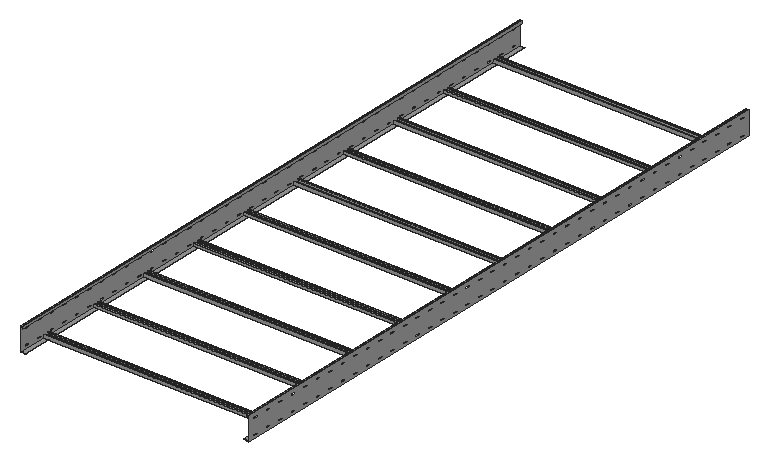
Revit family "Kabelleiter SCLS 11100 3 FTSO", category Generic Models, Revit 2017
Family settings
  Can host rebar = No
  Round Connector Dimension = Use Diameter
  Part Type = Normal
  Work Plane-Based = No
  Always vertical = Yes
  Cut with Voids When Loaded = No
  Shared = No
  Room Calculation Point = No
Parameters (values of type "SLCS 11100 3FTSO")
  Width = 1099.986 mm
  URL = "http://www.obo-bettermann.com"
  Material = Hot dip galvanised
  Manufacturer Art.No. = "7186416"
  Manufacturer = "OBO BETTERMANN"
  Length = 3000 mm
  GTIN = "4012196696970"
  Cut's number 3 = 40
  Cut's number 2 = 10
  Cut's number = 2
  Article Type = "SLCS 11100 3FTSO"
Reference planes
  plane 1 "Center (Front/Back)": y = 0
  plane 2: z = 0
  plane 3 "Center (Left/Right)": x = 0
  plane 4: x = 800
  plane 5: x = 800
  plane 6: y = 3000
  plane 7: y = 150
  plane 8: z = 17
  plane 9: y = 135
  plane 10: y = 165
  plane 11: y = 450
  plane 12: z = 17
  plane 13: y = 435
  plane 14: y = 465
  plane 15: y = 750
  plane 16: z = 17
  plane 17: y = 735
  plane 18: y = 765
  plane 19: y = 1050
  plane 20: z = 17
  plane 21: y = 1035
  plane 22: y = 1065
  plane 23: y = 1350
  plane 24: z = 17
  plane 25: y = 1335
  plane 26: y = 1365
  plane 27: y = 1650
  plane 28: z = 17
  plane 29: y = 1635
  plane 30: y = 1665
  plane 31: y = 1950
  plane 32: z = 17
  plane 33: y = 1935
  plane 34: y = 1965
  plane 35: y = 2250
  plane 36: z = 17
  plane 37: y = 2235
  plane 38: y = 2265
  plane 39: y = 2550
  plane 40: z = 17
  plane 41: y = 2535
  plane 42: y = 2565
  plane 43: y = 2850
  plane 44: z = 17
  plane 45: y = 2835
  plane 46: y = 2865
  plane 47: y = 150
  plane 48: z = 14
  plane 49: y = 37.5
  plane 50: z = 89
  plane 51: y = 37.5
  plane 52: z = 14
  plane 53: y = 112.5
  plane 54: z = 89
  plane 55: y = 112.5
  plane 56: z = 14
  plane 57: y = 187.5
  plane 58: z = 89
  plane 59: y = 187.5
  plane 60: z = 14
  plane 61: y = 262.5
  plane 62: z = 89
  plane 63: y = 262.5
  plane 64: z = 14
  plane 65: y = 337.5
  plane 66: z = 89
  plane 67: y = 337.5
  plane 68: z = 14
  plane 69: y = 412.5
  plane 70: z = 89
  plane 71: y = 412.5
  plane 72: z = 14
  plane 73: y = 487.5
  plane 74: z = 89
  plane 75: y = 487.5
  plane 76: z = 14
  plane 77: y = 562.5
  plane 78: z = 89
  plane 79: y = 562.5
  plane 80: z = 14
  plane 81: y = 637.5
  plane 82: z = 89
  plane 83: y = 637.5
  plane 84: z = 14
  plane 85: y = 712.5
  plane 86: z = 89
  plane 87: y = 712.5
  plane 88: z = 14
  plane 89: y = 787.5
  plane 90: z = 89
  plane 91: y = 787.5
  plane 92: z = 14
  plane 93: y = 862.5
  plane 94: z = 89
  plane 95: y = 862.5
  plane 96: z = 14
  plane 97: y = 937.5
  plane 98: z = 89
  plane 99: y = 937.5
  plane 100: z = 14
  plane 101: y = 1012.5
  plane 102: z = 89
  plane 103: y = 1012.5
  plane 104: z = 14
  plane 105: y = 1087.5
  plane 106: z = 89
  plane 107: y = 1087.5
  plane 108: z = 14
  plane 109: y = 1162.5
  plane 110: z = 89
  plane 111: y = 1162.5
  plane 112: z = 14
  plane 113: y = 1237.5
  plane 114: z = 89
  plane 115: y = 1237.5
  plane 116: z = 14
  plane 117: y = 1312.5
  plane 118: z = 89
  plane 119: y = 1312.5
  plane 120: z = 14
  plane 121: y = 1387.5
  plane 122: z = 89
  plane 123: y = 1387.5
  plane 124: z = 14
  plane 125: y = 1462.5
  plane 126: z = 89
  plane 127: y = 1462.5
  plane 128: z = 14
  plane 129: y = 1537.5
  plane 130: z = 89
  plane 131: y = 1537.5
  plane 132: z = 14
  plane 133: y = 1612.5
  plane 134: z = 89
  plane 135: y = 1612.5
  plane 136: z = 14
  plane 137: y = 1687.5
  plane 138: z = 89
  plane 139: y = 1687.5
  plane 140: z = 14
  plane 141: y = 1762.5
  plane 142: z = 89
  plane 143: y = 1762.5
  plane 144: z = 14
  plane 145: y = 1837.5
  plane 146: z = 89
  plane 147: y = 1837.5
  plane 148: z = 14
  plane 149: y = 1912.5
  plane 150: z = 89
  plane 151: y = 1912.5
  plane 152: z = 14
  plane 153: y = 1987.5
  plane 154: z = 89
  plane 155: y = 1987.5
  plane 156: z = 14
  plane 157: y = 2062.5
  plane 158: z = 89
  plane 159: y = 2062.5
  plane 160: z = 14
  plane 161: y = 2137.5
  plane 162: z = 89
  plane 163: y = 2137.5
  plane 164: z = 14
  plane 165: y = 2212.5
  plane 166: z = 89
  plane 167: y = 2212.5
  plane 168: z = 14
  plane 169: y = 2287.5
  plane 170: z = 89
  plane 171: y = 2287.5
  plane 172: z = 14
  plane 173: y = 2362.5
  plane 174: z = 89
  plane 175: y = 2362.5
  plane 176: z = 14
  plane 177: y = 2437.5
  plane 178: z = 89
  plane 179: y = 2437.5
  plane 180: z = 14
  plane 181: y = 2512.5
  plane 182: z = 89
  plane 183: y = 2512.5
  plane 184: z = 14
  plane 185: y = 2587.5
  plane 186: z = 89
  plane 187: y = 2587.5
  plane 188: z = 14
  plane 189: y = 2662.5
  plane 190: z = 89
  plane 191: y = 2662.5
  plane 192: z = 14
  plane 193: y = 2737.5
  plane 194: z = 89
  plane 195: y = 2737.5
  plane 196: z = 14
  plane 197: y = 2812.5
  plane 198: z = 89
  plane 199: y = 2812.5
  plane 200: z = 14
  plane 201: y = 2887.5
  plane 202: z = 89
  plane 203: y = 2887.5
  plane 204: z = 14
  plane 205: y = 2962.5
  plane 206: z = 89
  plane 207: y = 2962.5
  plane 208: y = 37.5
  plane 209: z = 14
  plane 210: y = 37.5
  plane 211: z = 89
  plane 212: y = 112.5
  plane 213: z = 14
  plane 214: y = 112.5
  plane 215: z = 89
  plane 216: y = 187.5
  plane 217: z = 14
  plane 218: y = 187.5
  plane 219: z = 89
  plane 220: y = 262.5
  plane 221: z = 14
  plane 222: y = 262.5
  plane 223: z = 89
  plane 224: y = 337.5
  plane 225: z = 14
  plane 226: y = 337.5
  plane 227: z = 89
  plane 228: y = 412.5
  plane 229: z = 14
  plane 230: y = 412.5
  plane 231: z = 89
  plane 232: y = 487.5
  plane 233: z = 14
  plane 234: y = 487.5
  plane 235: z = 89
  plane 236: y = 562.5
  plane 237: z = 14
  plane 238: y = 562.5
  plane 239: z = 89
  plane 240: y = 637.5
  plane 241: z = 14
  plane 242: y = 637.5
  plane 243: z = 89
  plane 244: y = 712.5
  plane 245: z = 14
  plane 246: y = 712.5
  plane 247: z = 89
  plane 248: y = 787.5
  plane 249: z = 14
  plane 250: y = 787.5
  plane 251: z = 89
  plane 252: y = 862.5
  plane 253: z = 14
  plane 254: y = 862.5
  plane 255: z = 89
  plane 256: y = 937.5
  plane 257: z = 14
  plane 258: y = 937.5
  plane 259: z = 89
  plane 260: y = 1012.5
  plane 261: z = 14
  plane 262: y = 1012.5
  plane 263: z = 89
  plane 264: y = 1087.5
  plane 265: z = 14
  plane 266: y = 1087.5
  plane 267: z = 89
  plane 268: y = 1162.5
  plane 269: z = 14
  plane 270: y = 1162.5
  plane 271: z = 89
  plane 272: y = 1237.5
  plane 273: z = 14
  plane 274: y = 1237.5
  plane 275: z = 89
  plane 276: y = 1312.5
  plane 277: z = 14
  plane 278: y = 1312.5
  plane 279: z = 89
  plane 280: y = 1387.5
  plane 281: z = 14
  plane 282: y = 1387.5
  plane 283: z = 89
  plane 284: y = 1462.5
  plane 285: z = 14
  plane 286: y = 1462.5
  plane 287: z = 89
  plane 288: y = 1537.5
  plane 289: z = 14
  plane 290: y = 1537.5
  plane 291: z = 89
  plane 292: y = 1612.5
  plane 293: z = 14
  plane 294: y = 1612.5
  plane 295: z = 89
  plane 296: y = 1687.5
  plane 297: z = 14
  plane 298: y = 1687.5
  plane 299: z = 89
  plane 300: y = 1762.5
  plane 301: z = 14
  plane 302: y = 1762.5
  plane 303: z = 89
  plane 304: y = 1837.5
  plane 305: z = 14
  plane 306: y = 1837.5
  plane 307: z = 89
  plane 308: y = 1912.5
  plane 309: z = 14
  plane 310: y = 1912.5
  plane 311: z = 89
  plane 312: y = 1987.5
  plane 313: z = 14
  plane 314: y = 1987.5
  plane 315: z = 89
  plane 316: y = 2062.5
  plane 317: z = 14
  plane 318: y = 2062.5
  plane 319: z = 89
  plane 320: y = 2137.5
  plane 321: z = 14
  plane 322: y = 2137.5
  plane 323: z = 89
  plane 324: y = 2212.5
  plane 325: z = 14
  plane 326: y = 2212.5
  plane 327: z = 89
  plane 328: y = 2287.5
  plane 329: z = 14
  plane 330: y = 2287.5
  plane 331: z = 89
  plane 332: y = 2362.5
  plane 333: z = 14
  plane 334: y = 2362.5
  plane 335: z = 89
  plane 336: y = 2437.5
  plane 337: z = 14
  plane 338: y = 2437.5
  plane 339: z = 89
  plane 340: y = 2512.5
  plane 341: z = 14
  plane 342: y = 2512.5
  plane 343: z = 89
  plane 344: y = 2587.5
  plane 345: z = 14
  plane 346: y = 2587.5
  plane 347: z = 89
  plane 348: y = 2662.5
  plane 349: z = 14
  plane 350: y = 2662.5
  plane 351: z = 89
  plane 352: y = 2737.5
  plane 353: z = 14
  plane 354: y = 2737.5
  plane 355: z = 89
  plane 356: y = 2812.5
  plane 357: z = 14
  plane 358: y = 2812.5
  plane 359: z = 89
  plane 360: y = 2887.5
  plane 361: z = 14
  plane 362: y = 2887.5
  plane 363: z = 89
  plane 364: y = 2962.5
  plane 365: z = 14
  plane 366: y = 2962.5
  plane 367: z = 89
Forms (mm)
  Extrusion 1, solid, material "Hot dip galvanised" <- "Material"
    sketch origin (0, 0, 0) x (1, 0, 0) y (0, 0, 1)
      loop
        line (0.002, 0) -> (26.998, 0) -> (26.998, 2) -> (2.002, 2) -> (2.002, 108) -> (9.995, 108) -> (9.995, 101) -> (11.995, 101) -> (11.995, 110) -> (0.002, 110) -> (0.002, 0)
      loop
        line (1099.986, 0) -> (1099.986, 110) -> (1087.986, 110) -> (1087.986, 101) -> (1089.986, 101) -> (1089.986, 108) -> (1097.986, 108) -> (1097.986, 2) -> (1072.975, 2) -> (1072.975, 0) -> (1099.986, 0)
    from 0 to -3000
  Extrusion 2, solid, material "Hot dip galvanised" <- "Material"
    sketch origin (0, 0, 0) x (0, 1, 0) y (0, 0, 1)
      loop
        line (135, 2) -> (165, 2) -> (165, 17) -> (158.53, 17) -> (158.53, 15) -> (163, 15) -> (163, 4) -> (137, 4) -> (137, 15) -> (141.516, 15) -> (141.516, 17) -> (135, 17) -> (135, 2)
    from 2.002 to 1097.986
  Extrusion 3, solid, material "Hot dip galvanised" <- "Material"
    sketch origin (0, 300, 0) x (0, 1, 0) y (0, 0, 1)
      loop
        line (135, 2) -> (165, 2) -> (165, 17) -> (158.53, 17) -> (158.53, 15) -> (163, 15) -> (163, 4) -> (137, 4) -> (137, 15) -> (141.516, 15) -> (141.516, 17) -> (135, 17) -> (135, 2)
    from 2.002 to 1097.986
  Extrusion 4, solid, material "Hot dip galvanised" <- "Material"
    sketch origin (0, 600, 0) x (0, 1, 0) y (0, 0, 1)
      loop
        line (135, 2) -> (165, 2) -> (165, 17) -> (158.53, 17) -> (158.53, 15) -> (163, 15) -> (163, 4) -> (137, 4) -> (137, 15) -> (141.516, 15) -> (141.516, 17) -> (135, 17) -> (135, 2)
    from 2.002 to 1098
  Extrusion 5, solid, material "Hot dip galvanised" <- "Material"
    sketch origin (0, 900, 0) x (0, 1, 0) y (0, 0, 1)
      loop
        line (135, 2) -> (165, 2) -> (165, 17) -> (158.53, 17) -> (158.53, 15) -> (163, 15) -> (163, 4) -> (137, 4) -> (137, 15) -> (141.516, 15) -> (141.516, 17) -> (135, 17) -> (135, 2)
    from 2.002 to 1098
  Extrusion 6, solid, material "Hot dip galvanised" <- "Material"
    sketch origin (0, 1200, 0) x (0, 1, 0) y (0, 0, 1)
      loop
        line (135, 2) -> (165, 2) -> (165, 17) -> (158.53, 17) -> (158.53, 15) -> (163, 15) -> (163, 4) -> (137, 4) -> (137, 15) -> (141.516, 15) -> (141.516, 17) -> (135, 17) -> (135, 2)
    from 2.002 to 1098
  Extrusion 7, solid, material "Hot dip galvanised" <- "Material"
    sketch origin (0, 1500, 0) x (0, 1, 0) y (0, 0, 1)
      loop
        line (135, 2) -> (165, 2) -> (165, 17) -> (158.53, 17) -> (158.53, 15) -> (163, 15) -> (163, 4) -> (137, 4) -> (137, 15) -> (141.516, 15) -> (141.516, 17) -> (135, 17) -> (135, 2)
    from 2.002 to 1098
  Extrusion 8, solid, material "Hot dip galvanised" <- "Material"
    sketch origin (0, 1800, 0) x (0, 1, 0) y (0, 0, 1)
      loop
        line (135, 2) -> (165, 2) -> (165, 17) -> (158.53, 17) -> (158.53, 15) -> (163, 15) -> (163, 4) -> (137, 4) -> (137, 15) -> (141.516, 15) -> (141.516, 17) -> (135, 17) -> (135, 2)
    from 2.002 to 1098
  Extrusion 9, solid, material "Hot dip galvanised" <- "Material"
    sketch origin (0, 2100, 0) x (0, 1, 0) y (0, 0, 1)
      loop
        line (135, 2) -> (165, 2) -> (165, 17) -> (158.53, 17) -> (158.53, 15) -> (163, 15) -> (163, 4) -> (137, 4) -> (137, 15) -> (141.516, 15) -> (141.516, 17) -> (135, 17) -> (135, 2)
    from 2.002 to 1098
  Extrusion 10, solid, material "Hot dip galvanised" <- "Material"
    sketch origin (0, 2400, 0) x (0, 1, 0) y (0, 0, 1)
      loop
        line (135, 2) -> (165, 2) -> (165, 17) -> (158.53, 17) -> (158.53, 15) -> (163, 15) -> (163, 4) -> (137, 4) -> (137, 15) -> (141.516, 15) -> (141.516, 17) -> (135, 17) -> (135, 2)
    from 2.002 to 1098
  Extrusion 11, solid, material "Hot dip galvanised" <- "Material"
    sketch origin (0, 2700, 0) x (0, 1, 0) y (0, 0, 1)
      loop
        line (135, 2) -> (165, 2) -> (165, 17) -> (158.53, 17) -> (158.53, 15) -> (163, 15) -> (163, 4) -> (137, 4) -> (137, 15) -> (141.516, 15) -> (141.516, 17) -> (135, 17) -> (135, 2)
    from 2.002 to 1098
  Extrusion 12, void
    sketch origin (0, 0, 0) x (0, 1, 0) y (0, 0, 1)
      loop
        line (23.516, 18.5) -> (23.516, 9.5) -> (51.5, 9.5) -> (51.5, 18.5) -> (23.516, 18.5)
    from 0 to 2.002
  Extrusion 13, void
    sketch origin (0, 0, 75) x (0, 1, 0) y (0, 0, 1)
      loop
        line (23.516, 18.5) -> (23.516, 9.5) -> (51.5, 9.5) -> (51.5, 18.5) -> (23.516, 18.5)
    from 0 to 2.002
  Extrusion 14, void
    sketch origin (0, 75, 0) x (0, 1, 0) y (0, 0, 1)
      loop
        line (23.516, 18.5) -> (23.516, 9.5) -> (51.5, 9.5) -> (51.5, 18.5) -> (23.516, 18.5)
    from 0 to 2.002
  Extrusion 15, void
    sketch origin (0, 75, 75) x (0, 1, 0) y (0, 0, 1)
      loop
        line (23.516, 18.5) -> (23.516, 9.5) -> (51.5, 9.5) -> (51.5, 18.5) -> (23.516, 18.5)
    from 0 to 2.002
  Extrusion 16, void
    sketch origin (0, 150, 0) x (0, 1, 0) y (0, 0, 1)
      loop
        line (23.516, 18.5) -> (23.516, 9.5) -> (51.5, 9.5) -> (51.5, 18.5) -> (23.516, 18.5)
    from 0 to 2.002
  Extrusion 17, void
    sketch origin (0, 150, 75) x (0, 1, 0) y (0, 0, 1)
      loop
        line (23.516, 18.5) -> (23.516, 9.5) -> (51.5, 9.5) -> (51.5, 18.5) -> (23.516, 18.5)
    from 0 to 2.002
  Extrusion 18, void
    sketch origin (0, 225, 0) x (0, 1, 0) y (0, 0, 1)
      loop
        line (23.516, 18.5) -> (23.516, 9.5) -> (51.5, 9.5) -> (51.5, 18.5) -> (23.516, 18.5)
    from 0 to 2.002
  Extrusion 19, void
    sketch origin (0, 225, 75) x (0, 1, 0) y (0, 0, 1)
      loop
        line (23.516, 18.5) -> (23.516, 9.5) -> (51.5, 9.5) -> (51.5, 18.5) -> (23.516, 18.5)
    from 0 to 2.002
  Extrusion 20, void
    sketch origin (0, 300, 0) x (0, 1, 0) y (0, 0, 1)
      loop
        line (23.516, 18.5) -> (23.516, 9.5) -> (51.5, 9.5) -> (51.5, 18.5) -> (23.516, 18.5)
    from 0 to 2.002
  Extrusion 21, void
    sketch origin (0, 300, 75) x (0, 1, 0) y (0, 0, 1)
      loop
        line (23.516, 18.5) -> (23.516, 9.5) -> (51.5, 9.5) -> (51.5, 18.5) -> (23.516, 18.5)
    from 0 to 2.002
  Extrusion 22, void
    sketch origin (0, 375, 0) x (0, 1, 0) y (0, 0, 1)
      loop
        line (23.516, 18.5) -> (23.516, 9.5) -> (51.5, 9.5) -> (51.5, 18.5) -> (23.516, 18.5)
    from 0 to 2.002
  Extrusion 23, void
    sketch origin (0, 375, 75) x (0, 1, 0) y (0, 0, 1)
      loop
        line (23.516, 18.5) -> (23.516, 9.5) -> (51.5, 9.5) -> (51.5, 18.5) -> (23.516, 18.5)
    from 0 to 2.002
  Extrusion 24, void
    sketch origin (0, 450, 0) x (0, 1, 0) y (0, 0, 1)
      loop
        line (23.516, 18.5) -> (23.516, 9.5) -> (51.5, 9.5) -> (51.5, 18.5) -> (23.516, 18.5)
    from 0 to 2.002
  Extrusion 25, void
    sketch origin (0, 450, 75) x (0, 1, 0) y (0, 0, 1)
      loop
        line (23.516, 18.5) -> (23.516, 9.5) -> (51.5, 9.5) -> (51.5, 18.5) -> (23.516, 18.5)
    from 0 to 2.002
  Extrusion 26, void
    sketch origin (0, 525, 0) x (0, 1, 0) y (0, 0, 1)
      loop
        line (23.516, 18.5) -> (23.516, 9.5) -> (51.5, 9.5) -> (51.5, 18.5) -> (23.516, 18.5)
    from 0 to 2.002
  Extrusion 27, void
    sketch origin (0, 525, 75) x (0, 1, 0) y (0, 0, 1)
      loop
        line (23.516, 18.5) -> (23.516, 9.5) -> (51.5, 9.5) -> (51.5, 18.5) -> (23.516, 18.5)
    from 0 to 2.002
  Extrusion 28, void
    sketch origin (0, 600, 0) x (0, 1, 0) y (0, 0, 1)
      loop
        line (23.516, 18.5) -> (23.516, 9.5) -> (51.5, 9.5) -> (51.5, 18.5) -> (23.516, 18.5)
    from 0 to 2.002
  Extrusion 29, void
    sketch origin (0, 600, 75) x (0, 1, 0) y (0, 0, 1)
      loop
        line (23.516, 18.5) -> (23.516, 9.5) -> (51.5, 9.5) -> (51.5, 18.5) -> (23.516, 18.5)
    from 0 to 2.002
  Extrusion 30, void
    sketch origin (0, 675, 0) x (0, 1, 0) y (0, 0, 1)
      loop
        line (23.516, 18.5) -> (23.516, 9.5) -> (51.5, 9.5) -> (51.5, 18.5) -> (23.516, 18.5)
    from 0 to 2.002
  Extrusion 31, void
    sketch origin (0, 675, 75) x (0, 1, 0) y (0, 0, 1)
      loop
        line (23.516, 18.5) -> (23.516, 9.5) -> (51.5, 9.5) -> (51.5, 18.5) -> (23.516, 18.5)
    from 0 to 2.002
  Extrusion 32, void
    sketch origin (0, 750, 0) x (0, 1, 0) y (0, 0, 1)
      loop
        line (23.516, 18.5) -> (23.516, 9.5) -> (51.5, 9.5) -> (51.5, 18.5) -> (23.516, 18.5)
    from 0 to 2.002
  Extrusion 33, void
    sketch origin (0, 750, 75) x (0, 1, 0) y (0, 0, 1)
      loop
        line (23.516, 18.5) -> (23.516, 9.5) -> (51.5, 9.5) -> (51.5, 18.5) -> (23.516, 18.5)
    from 0 to 2.002
  Extrusion 34, void
    sketch origin (0, 825, 0) x (0, 1, 0) y (0, 0, 1)
      loop
        line (23.516, 18.5) -> (23.516, 9.5) -> (51.5, 9.5) -> (51.5, 18.5) -> (23.516, 18.5)
    from 0 to 2.002
  Extrusion 35, void
    sketch origin (0, 825, 75) x (0, 1, 0) y (0, 0, 1)
      loop
        line (23.516, 18.5) -> (23.516, 9.5) -> (51.5, 9.5) -> (51.5, 18.5) -> (23.516, 18.5)
    from 0 to 2.002
  Extrusion 36, void
    sketch origin (0, 900, 0) x (0, 1, 0) y (0, 0, 1)
      loop
        line (23.516, 18.5) -> (23.516, 9.5) -> (51.5, 9.5) -> (51.5, 18.5) -> (23.516, 18.5)
    from 0 to 2.002
  Extrusion 37, void
    sketch origin (0, 900, 75) x (0, 1, 0) y (0, 0, 1)
      loop
        line (23.516, 18.5) -> (23.516, 9.5) -> (51.5, 9.5) -> (51.5, 18.5) -> (23.516, 18.5)
    from 0 to 2.002
  Extrusion 38, void
    sketch origin (0, 975, 0) x (0, 1, 0) y (0, 0, 1)
      loop
        line (23.516, 18.5) -> (23.516, 9.5) -> (51.5, 9.5) -> (51.5, 18.5) -> (23.516, 18.5)
    from 0 to 2.002
  Extrusion 39, void
    sketch origin (0, 975, 75) x (0, 1, 0) y (0, 0, 1)
      loop
        line (23.516, 18.5) -> (23.516, 9.5) -> (51.5, 9.5) -> (51.5, 18.5) -> (23.516, 18.5)
    from 0 to 2.002
  Extrusion 40, void
    sketch origin (0, 1050, 0) x (0, 1, 0) y (0, 0, 1)
      loop
        line (23.516, 18.5) -> (23.516, 9.5) -> (51.5, 9.5) -> (51.5, 18.5) -> (23.516, 18.5)
    from 0 to 2.002
  Extrusion 41, void
    sketch origin (0, 1050, 75) x (0, 1, 0) y (0, 0, 1)
      loop
        line (23.516, 18.5) -> (23.516, 9.5) -> (51.5, 9.5) -> (51.5, 18.5) -> (23.516, 18.5)
    from 0 to 2.002
  Extrusion 42, void
    sketch origin (0, 1125, 0) x (0, 1, 0) y (0, 0, 1)
      loop
        line (23.516, 18.5) -> (23.516, 9.5) -> (51.5, 9.5) -> (51.5, 18.5) -> (23.516, 18.5)
    from 0 to 2.002
  Extrusion 43, void
    sketch origin (0, 1125, 75) x (0, 1, 0) y (0, 0, 1)
      loop
        line (23.516, 18.5) -> (23.516, 9.5) -> (51.5, 9.5) -> (51.5, 18.5) -> (23.516, 18.5)
    from 0 to 2.002
  Extrusion 44, void
    sketch origin (0, 1200, 0) x (0, 1, 0) y (0, 0, 1)
      loop
        line (23.516, 18.5) -> (23.516, 9.5) -> (51.5, 9.5) -> (51.5, 18.5) -> (23.516, 18.5)
    from 0 to 2.002
  Extrusion 45, void
    sketch origin (0, 1200, 75) x (0, 1, 0) y (0, 0, 1)
      loop
        line (23.516, 18.5) -> (23.516, 9.5) -> (51.5, 9.5) -> (51.5, 18.5) -> (23.516, 18.5)
    from 0 to 2.002
  Extrusion 46, void
    sketch origin (0, 1275, 0) x (0, 1, 0) y (0, 0, 1)
      loop
        line (23.516, 18.5) -> (23.516, 9.5) -> (51.5, 9.5) -> (51.5, 18.5) -> (23.516, 18.5)
    from 0 to 2.002
  Extrusion 47, void
    sketch origin (0, 1275, 75) x (0, 1, 0) y (0, 0, 1)
      loop
        line (23.516, 18.5) -> (23.516, 9.5) -> (51.5, 9.5) -> (51.5, 18.5) -> (23.516, 18.5)
    from 0 to 2.002
  Extrusion 48, void
    sketch origin (0, 1350, 0) x (0, 1, 0) y (0, 0, 1)
      loop
        line (23.516, 18.5) -> (23.516, 9.5) -> (51.5, 9.5) -> (51.5, 18.5) -> (23.516, 18.5)
    from 0 to 2.002
  Extrusion 49, void
    sketch origin (0, 1350, 75) x (0, 1, 0) y (0, 0, 1)
      loop
        line (23.516, 18.5) -> (23.516, 9.5) -> (51.5, 9.5) -> (51.5, 18.5) -> (23.516, 18.5)
    from 0 to 2.002
  Extrusion 50, void
    sketch origin (0, 1425, 0) x (0, 1, 0) y (0, 0, 1)
      loop
        line (23.516, 18.5) -> (23.516, 9.5) -> (51.5, 9.5) -> (51.5, 18.5) -> (23.516, 18.5)
    from 0 to 2.002
  Extrusion 51, void
    sketch origin (0, 1425, 75) x (0, 1, 0) y (0, 0, 1)
      loop
        line (23.516, 18.5) -> (23.516, 9.5) -> (51.5, 9.5) -> (51.5, 18.5) -> (23.516, 18.5)
    from 0 to 2.002
  Extrusion 52, void
    sketch origin (0, 1500, 0) x (0, 1, 0) y (0, 0, 1)
      loop
        line (23.516, 18.5) -> (23.516, 9.5) -> (51.5, 9.5) -> (51.5, 18.5) -> (23.516, 18.5)
    from 0 to 2.002
  Extrusion 53, void
    sketch origin (0, 1500, 75) x (0, 1, 0) y (0, 0, 1)
      loop
        line (23.516, 18.5) -> (23.516, 9.5) -> (51.5, 9.5) -> (51.5, 18.5) -> (23.516, 18.5)
    from 0 to 2.002
  Extrusion 54, void
    sketch origin (0, 1575, 0) x (0, 1, 0) y (0, 0, 1)
      loop
        line (23.516, 18.5) -> (23.516, 9.5) -> (51.5, 9.5) -> (51.5, 18.5) -> (23.516, 18.5)
    from 0 to 2.002
  Extrusion 55, void
    sketch origin (0, 1575, 75) x (0, 1, 0) y (0, 0, 1)
      loop
        line (23.516, 18.5) -> (23.516, 9.5) -> (51.5, 9.5) -> (51.5, 18.5) -> (23.516, 18.5)
    from 0 to 2.002
  Extrusion 56, void
    sketch origin (0, 1650, 0) x (0, 1, 0) y (0, 0, 1)
      loop
        line (23.516, 18.5) -> (23.516, 9.5) -> (51.5, 9.5) -> (51.5, 18.5) -> (23.516, 18.5)
    from 0 to 2.002
  Extrusion 57, void
    sketch origin (0, 1650, 75) x (0, 1, 0) y (0, 0, 1)
      loop
        line (23.516, 18.5) -> (23.516, 9.5) -> (51.5, 9.5) -> (51.5, 18.5) -> (23.516, 18.5)
    from 0 to 2.002
  Extrusion 58, void
    sketch origin (0, 1725, 0) x (0, 1, 0) y (0, 0, 1)
      loop
        line (23.516, 18.5) -> (23.516, 9.5) -> (51.5, 9.5) -> (51.5, 18.5) -> (23.516, 18.5)
    from 0 to 2.002
  Extrusion 59, void
    sketch origin (0, 1725, 75) x (0, 1, 0) y (0, 0, 1)
      loop
        line (23.516, 18.5) -> (23.516, 9.5) -> (51.5, 9.5) -> (51.5, 18.5) -> (23.516, 18.5)
    from 0 to 2.002
  Extrusion 60, void
    sketch origin (0, 1800, 0) x (0, 1, 0) y (0, 0, 1)
      loop
        line (23.516, 18.5) -> (23.516, 9.5) -> (51.5, 9.5) -> (51.5, 18.5) -> (23.516, 18.5)
    from 0 to 2.002
  Extrusion 61, void
    sketch origin (0, 1800, 75) x (0, 1, 0) y (0, 0, 1)
      loop
        line (23.516, 18.5) -> (23.516, 9.5) -> (51.5, 9.5) -> (51.5, 18.5) -> (23.516, 18.5)
    from 0 to 2.002
  Extrusion 62, void
    sketch origin (0, 1875, 0) x (0, 1, 0) y (0, 0, 1)
      loop
        line (23.516, 18.5) -> (23.516, 9.5) -> (51.5, 9.5) -> (51.5, 18.5) -> (23.516, 18.5)
    from 0 to 2.002
  Extrusion 63, void
    sketch origin (0, 1875, 75) x (0, 1, 0) y (0, 0, 1)
      loop
        line (23.516, 18.5) -> (23.516, 9.5) -> (51.5, 9.5) -> (51.5, 18.5) -> (23.516, 18.5)
    from 0 to 2.002
  Extrusion 64, void
    sketch origin (0, 1950, 0) x (0, 1, 0) y (0, 0, 1)
      loop
        line (23.516, 18.5) -> (23.516, 9.5) -> (51.5, 9.5) -> (51.5, 18.5) -> (23.516, 18.5)
    from 0 to 2.002
  Extrusion 65, void
    sketch origin (0, 1950, 75) x (0, 1, 0) y (0, 0, 1)
      loop
        line (23.516, 18.5) -> (23.516, 9.5) -> (51.5, 9.5) -> (51.5, 18.5) -> (23.516, 18.5)
    from 0 to 2.002
  Extrusion 66, void
    sketch origin (0, 2025, 0) x (0, 1, 0) y (0, 0, 1)
      loop
        line (23.516, 18.5) -> (23.516, 9.5) -> (51.5, 9.5) -> (51.5, 18.5) -> (23.516, 18.5)
    from 0 to 2.002
  Extrusion 67, void
    sketch origin (0, 2025, 75) x (0, 1, 0) y (0, 0, 1)
      loop
        line (23.516, 18.5) -> (23.516, 9.5) -> (51.5, 9.5) -> (51.5, 18.5) -> (23.516, 18.5)
    from 0 to 2.002
  Extrusion 68, void
    sketch origin (0, 2100, 0) x (0, 1, 0) y (0, 0, 1)
      loop
        line (23.516, 18.5) -> (23.516, 9.5) -> (51.5, 9.5) -> (51.5, 18.5) -> (23.516, 18.5)
    from 0 to 2.002
  Extrusion 69, void
    sketch origin (0, 2100, 75) x (0, 1, 0) y (0, 0, 1)
      loop
        line (23.516, 18.5) -> (23.516, 9.5) -> (51.5, 9.5) -> (51.5, 18.5) -> (23.516, 18.5)
    from 0 to 2.002
  Extrusion 70, void
    sketch origin (0, 2175, 0) x (0, 1, 0) y (0, 0, 1)
      loop
        line (23.516, 18.5) -> (23.516, 9.5) -> (51.5, 9.5) -> (51.5, 18.5) -> (23.516, 18.5)
    from 0 to 2.002
  Extrusion 71, void
    sketch origin (0, 2175, 75) x (0, 1, 0) y (0, 0, 1)
      loop
        line (23.516, 18.5) -> (23.516, 9.5) -> (51.5, 9.5) -> (51.5, 18.5) -> (23.516, 18.5)
    from 0 to 2.002
  Extrusion 72, void
    sketch origin (0, 2250, 0) x (0, 1, 0) y (0, 0, 1)
      loop
        line (23.516, 18.5) -> (23.516, 9.5) -> (51.5, 9.5) -> (51.5, 18.5) -> (23.516, 18.5)
    from 0 to 2.002
  Extrusion 73, void
    sketch origin (0, 2250, 75) x (0, 1, 0) y (0, 0, 1)
      loop
        line (23.516, 18.5) -> (23.516, 9.5) -> (51.5, 9.5) -> (51.5, 18.5) -> (23.516, 18.5)
    from 0 to 2.002
  Extrusion 74, void
    sketch origin (0, 2325, 0) x (0, 1, 0) y (0, 0, 1)
      loop
        line (23.516, 18.5) -> (23.516, 9.5) -> (51.5, 9.5) -> (51.5, 18.5) -> (23.516, 18.5)
    from 0 to 2.002
  Extrusion 75, void
    sketch origin (0, 2325, 75) x (0, 1, 0) y (0, 0, 1)
      loop
        line (23.516, 18.5) -> (23.516, 9.5) -> (51.5, 9.5) -> (51.5, 18.5) -> (23.516, 18.5)
    from 0 to 2.002
  Extrusion 76, void
    sketch origin (0, 2400, 0) x (0, 1, 0) y (0, 0, 1)
      loop
        line (23.516, 18.5) -> (23.516, 9.5) -> (51.5, 9.5) -> (51.5, 18.5) -> (23.516, 18.5)
    from 0 to 2.002
  Extrusion 77, void
    sketch origin (0, 2400, 75) x (0, 1, 0) y (0, 0, 1)
      loop
        line (23.516, 18.5) -> (23.516, 9.5) -> (51.5, 9.5) -> (51.5, 18.5) -> (23.516, 18.5)
    from 0 to 2.002
  Extrusion 78, void
    sketch origin (0, 2475, 0) x (0, 1, 0) y (0, 0, 1)
      loop
        line (23.516, 18.5) -> (23.516, 9.5) -> (51.5, 9.5) -> (51.5, 18.5) -> (23.516, 18.5)
    from 0 to 2.002
  Extrusion 79, void
    sketch origin (0, 2475, 75) x (0, 1, 0) y (0, 0, 1)
      loop
        line (23.516, 18.5) -> (23.516, 9.5) -> (51.5, 9.5) -> (51.5, 18.5) -> (23.516, 18.5)
    from 0 to 2.002
  Extrusion 80, void
    sketch origin (0, 2550, 0) x (0, 1, 0) y (0, 0, 1)
      loop
        line (23.516, 18.5) -> (23.516, 9.5) -> (51.5, 9.5) -> (51.5, 18.5) -> (23.516, 18.5)
    from 0 to 2.002
  Extrusion 81, void
    sketch origin (0, 2550, 75) x (0, 1, 0) y (0, 0, 1)
      loop
        line (23.516, 18.5) -> (23.516, 9.5) -> (51.5, 9.5) -> (51.5, 18.5) -> (23.516, 18.5)
    from 0 to 2.002
  Extrusion 82, void
    sketch origin (0, 2625, 0) x (0, 1, 0) y (0, 0, 1)
      loop
        line (23.516, 18.5) -> (23.516, 9.5) -> (51.5, 9.5) -> (51.5, 18.5) -> (23.516, 18.5)
    from 0 to 2.002
  Extrusion 83, void
    sketch origin (0, 2625, 75) x (0, 1, 0) y (0, 0, 1)
      loop
        line (23.516, 18.5) -> (23.516, 9.5) -> (51.5, 9.5) -> (51.5, 18.5) -> (23.516, 18.5)
    from 0 to 2.002
  Extrusion 84, void
    sketch origin (0, 2700, 0) x (0, 1, 0) y (0, 0, 1)
      loop
        line (23.516, 18.5) -> (23.516, 9.5) -> (51.5, 9.5) -> (51.5, 18.5) -> (23.516, 18.5)
    from 0 to 2.002
  Extrusion 85, void
    sketch origin (0, 2700, 75) x (0, 1, 0) y (0, 0, 1)
      loop
        line (23.516, 18.5) -> (23.516, 9.5) -> (51.5, 9.5) -> (51.5, 18.5) -> (23.516, 18.5)
    from 0 to 2.002
  Extrusion 86, void
    sketch origin (0, 2775, 0) x (0, 1, 0) y (0, 0, 1)
      loop
        line (23.516, 18.5) -> (23.516, 9.5) -> (51.5, 9.5) -> (51.5, 18.5) -> (23.516, 18.5)
    from 0 to 2.002
  Extrusion 87, void
    sketch origin (0, 2775, 75) x (0, 1, 0) y (0, 0, 1)
      loop
        line (23.516, 18.5) -> (23.516, 9.5) -> (51.5, 9.5) -> (51.5, 18.5) -> (23.516, 18.5)
    from 0 to 2.002
  Extrusion 88, void
    sketch origin (0, 2850, 0) x (0, 1, 0) y (0, 0, 1)
      loop
        line (23.516, 18.5) -> (23.516, 9.5) -> (51.5, 9.5) -> (51.5, 18.5) -> (23.516, 18.5)
    from 0 to 2.002
  Extrusion 89, void
    sketch origin (0, 2850, 75) x (0, 1, 0) y (0, 0, 1)
      loop
        line (23.516, 18.5) -> (23.516, 9.5) -> (51.5, 9.5) -> (51.5, 18.5) -> (23.516, 18.5)
    from 0 to 2.002
  Extrusion 90, void
    sketch origin (0, 2925, 0) x (0, 1, 0) y (0, 0, 1)
      loop
        line (23.516, 18.5) -> (23.516, 9.5) -> (51.5, 9.5) -> (51.5, 18.5) -> (23.516, 18.5)
    from 0 to 2.002
  Extrusion 91, void
    sketch origin (0, 2925, 75) x (0, 1, 0) y (0, 0, 1)
      loop
        line (23.516, 18.5) -> (23.516, 9.5) -> (51.5, 9.5) -> (51.5, 18.5) -> (23.516, 18.5)
    from 0 to 2.002
  Extrusion 92, void
    sketch origin (0, 0, 0) x (0, 1, 0) y (0, 0, 1)
      loop
        line (23.5, 18.5) -> (23.5, 9.5) -> (51.5, 9.5) -> (51.5, 18.5) -> (23.5, 18.5)
    from 1097.986 to 1099.986
  Extrusion 93, void
    sketch origin (0, 0, 75) x (0, 1, 0) y (0, 0, 1)
      loop
        line (23.5, 18.5) -> (23.5, 9.5) -> (51.5, 9.5) -> (51.5, 18.5) -> (23.5, 18.5)
    from 1097.986 to 1099.986
  Extrusion 94, void
    sketch origin (0, 75, 0) x (0, 1, 0) y (0, 0, 1)
      loop
        line (23.5, 18.5) -> (23.5, 9.5) -> (51.5, 9.5) -> (51.5, 18.5) -> (23.5, 18.5)
    from 1097.986 to 1099.986
  Extrusion 95, void
    sketch origin (0, 75, 75) x (0, 1, 0) y (0, 0, 1)
      loop
        line (23.5, 18.5) -> (23.5, 9.5) -> (51.5, 9.5) -> (51.5, 18.5) -> (23.5, 18.5)
    from 1097.986 to 1099.986
  Extrusion 96, void
    sketch origin (0, 150, 0) x (0, 1, 0) y (0, 0, 1)
      loop
        line (23.5, 18.5) -> (23.5, 9.5) -> (51.5, 9.5) -> (51.5, 18.5) -> (23.5, 18.5)
    from 1097.986 to 1099.986
  Extrusion 97, void
    sketch origin (0, 150, 75) x (0, 1, 0) y (0, 0, 1)
      loop
        line (23.5, 18.5) -> (23.5, 9.5) -> (51.5, 9.5) -> (51.5, 18.5) -> (23.5, 18.5)
    from 1097.986 to 1099.986
  Extrusion 98, void
    sketch origin (0, 225, 0) x (0, 1, 0) y (0, 0, 1)
      loop
        line (23.5, 18.5) -> (23.5, 9.5) -> (51.5, 9.5) -> (51.5, 18.5) -> (23.5, 18.5)
    from 1097.986 to 1099.986
  Extrusion 99, void
    sketch origin (0, 225, 75) x (0, 1, 0) y (0, 0, 1)
      loop
        line (23.5, 18.5) -> (23.5, 9.5) -> (51.5, 9.5) -> (51.5, 18.5) -> (23.5, 18.5)
    from 1097.986 to 1099.986
  Extrusion 100, void
    sketch origin (0, 300, 0) x (0, 1, 0) y (0, 0, 1)
      loop
        line (23.5, 18.5) -> (23.5, 9.5) -> (51.5, 9.5) -> (51.5, 18.5) -> (23.5, 18.5)
    from 1097.986 to 1099.986
  Extrusion 101, void
    sketch origin (0, 300, 75) x (0, 1, 0) y (0, 0, 1)
      loop
        line (23.5, 18.5) -> (23.5, 9.5) -> (51.5, 9.5) -> (51.5, 18.5) -> (23.5, 18.5)
    from 1097.986 to 1099.986
  Extrusion 102, void
    sketch origin (0, 375, 0) x (0, 1, 0) y (0, 0, 1)
      loop
        line (23.5, 18.5) -> (23.5, 9.5) -> (51.5, 9.5) -> (51.5, 18.5) -> (23.5, 18.5)
    from 1097.986 to 1099.986
  Extrusion 103, void
    sketch origin (0, 375, 75) x (0, 1, 0) y (0, 0, 1)
      loop
        line (23.5, 18.5) -> (23.5, 9.5) -> (51.5, 9.5) -> (51.5, 18.5) -> (23.5, 18.5)
    from 1097.986 to 1099.986
  Extrusion 104, void
    sketch origin (0, 450, 0) x (0, 1, 0) y (0, 0, 1)
      loop
        line (23.5, 18.5) -> (23.5, 9.5) -> (51.5, 9.5) -> (51.5, 18.5) -> (23.5, 18.5)
    from 1097.986 to 1099.986
  Extrusion 105, void
    sketch origin (0, 450, 75) x (0, 1, 0) y (0, 0, 1)
      loop
        line (23.5, 18.5) -> (23.5, 9.5) -> (51.5, 9.5) -> (51.5, 18.5) -> (23.5, 18.5)
    from 1097.986 to 1099.986
  Extrusion 106, void
    sketch origin (0, 525, 0) x (0, 1, 0) y (0, 0, 1)
      loop
        line (23.5, 18.5) -> (23.5, 9.5) -> (51.5, 9.5) -> (51.5, 18.5) -> (23.5, 18.5)
    from 1097.986 to 1099.986
  Extrusion 107, void
    sketch origin (0, 525, 75) x (0, 1, 0) y (0, 0, 1)
      loop
        line (23.5, 18.5) -> (23.5, 9.5) -> (51.5, 9.5) -> (51.5, 18.5) -> (23.5, 18.5)
    from 1097.986 to 1099.986
  Extrusion 108, void
    sketch origin (0, 600, 0) x (0, 1, 0) y (0, 0, 1)
      loop
        line (23.5, 18.5) -> (23.5, 9.5) -> (51.5, 9.5) -> (51.5, 18.5) -> (23.5, 18.5)
    from 1097.986 to 1099.986
  Extrusion 109, void
    sketch origin (0, 600, 75) x (0, 1, 0) y (0, 0, 1)
      loop
        line (23.5, 18.5) -> (23.5, 9.5) -> (51.5, 9.5) -> (51.5, 18.5) -> (23.5, 18.5)
    from 1097.986 to 1099.986
  Extrusion 110, void
    sketch origin (0, 675, 0) x (0, 1, 0) y (0, 0, 1)
      loop
        line (23.5, 18.5) -> (23.5, 9.5) -> (51.5, 9.5) -> (51.5, 18.5) -> (23.5, 18.5)
    from 1097.986 to 1099.986
  Extrusion 111, void
    sketch origin (0, 675, 75) x (0, 1, 0) y (0, 0, 1)
      loop
        line (23.5, 18.5) -> (23.5, 9.5) -> (51.5, 9.5) -> (51.5, 18.5) -> (23.5, 18.5)
    from 1097.986 to 1099.986
  Extrusion 112, void
    sketch origin (0, 750, 0) x (0, 1, 0) y (0, 0, 1)
      loop
        line (23.5, 18.5) -> (23.5, 9.5) -> (51.5, 9.5) -> (51.5, 18.5) -> (23.5, 18.5)
    from 1097.986 to 1099.986
  Extrusion 113, void
    sketch origin (0, 750, 75) x (0, 1, 0) y (0, 0, 1)
      loop
        line (23.5, 18.5) -> (23.5, 9.5) -> (51.5, 9.5) -> (51.5, 18.5) -> (23.5, 18.5)
    from 1097.986 to 1099.986
  Extrusion 114, void
    sketch origin (0, 825, 0) x (0, 1, 0) y (0, 0, 1)
      loop
        line (23.5, 18.5) -> (23.5, 9.5) -> (51.5, 9.5) -> (51.5, 18.5) -> (23.5, 18.5)
    from 1097.986 to 1099.986
  Extrusion 115, void
    sketch origin (0, 825, 75) x (0, 1, 0) y (0, 0, 1)
      loop
        line (23.5, 18.5) -> (23.5, 9.5) -> (51.5, 9.5) -> (51.5, 18.5) -> (23.5, 18.5)
    from 1097.986 to 1099.986
  Extrusion 116, void
    sketch origin (0, 900, 0) x (0, 1, 0) y (0, 0, 1)
      loop
        line (23.5, 18.5) -> (23.5, 9.5) -> (51.5, 9.5) -> (51.5, 18.5) -> (23.5, 18.5)
    from 1097.986 to 1099.986
  Extrusion 117, void
    sketch origin (0, 900, 75) x (0, 1, 0) y (0, 0, 1)
      loop
        line (23.5, 18.5) -> (23.5, 9.5) -> (51.5, 9.5) -> (51.5, 18.5) -> (23.5, 18.5)
    from 1097.986 to 1099.986
  Extrusion 118, void
    sketch origin (0, 975, 0) x (0, 1, 0) y (0, 0, 1)
      loop
        line (23.5, 18.5) -> (23.5, 9.5) -> (51.5, 9.5) -> (51.5, 18.5) -> (23.5, 18.5)
    from 1097.986 to 1099.986
  Extrusion 119, void
    sketch origin (0, 975, 75) x (0, 1, 0) y (0, 0, 1)
      loop
        line (23.5, 18.5) -> (23.5, 9.5) -> (51.5, 9.5) -> (51.5, 18.5) -> (23.5, 18.5)
    from 1097.986 to 1099.986
  Extrusion 120, void
    sketch origin (0, 1050, 0) x (0, 1, 0) y (0, 0, 1)
      loop
        line (23.5, 18.5) -> (23.5, 9.5) -> (51.5, 9.5) -> (51.5, 18.5) -> (23.5, 18.5)
    from 1097.986 to 1099.986
  Extrusion 121, void
    sketch origin (0, 1050, 75) x (0, 1, 0) y (0, 0, 1)
      loop
        line (23.5, 18.5) -> (23.5, 9.5) -> (51.5, 9.5) -> (51.5, 18.5) -> (23.5, 18.5)
    from 1097.986 to 1099.986
  Extrusion 122, void
    sketch origin (0, 1125, 0) x (0, 1, 0) y (0, 0, 1)
      loop
        line (23.5, 18.5) -> (23.5, 9.5) -> (51.5, 9.5) -> (51.5, 18.5) -> (23.5, 18.5)
    from 1097.986 to 1099.986
  Extrusion 123, void
    sketch origin (0, 1125, 75) x (0, 1, 0) y (0, 0, 1)
      loop
        line (23.5, 18.5) -> (23.5, 9.5) -> (51.5, 9.5) -> (51.5, 18.5) -> (23.5, 18.5)
    from 1097.986 to 1099.986
  Extrusion 124, void
    sketch origin (0, 1200, 0) x (0, 1, 0) y (0, 0, 1)
      loop
        line (23.5, 18.5) -> (23.5, 9.5) -> (51.5, 9.5) -> (51.5, 18.5) -> (23.5, 18.5)
    from 1097.986 to 1099.986
  Extrusion 125, void
    sketch origin (0, 1200, 75) x (0, 1, 0) y (0, 0, 1)
      loop
        line (23.5, 18.5) -> (23.5, 9.5) -> (51.5, 9.5) -> (51.5, 18.5) -> (23.5, 18.5)
    from 1097.986 to 1099.986
  Extrusion 126, void
    sketch origin (0, 1275, 0) x (0, 1, 0) y (0, 0, 1)
      loop
        line (23.5, 18.5) -> (23.5, 9.5) -> (51.5, 9.5) -> (51.5, 18.5) -> (23.5, 18.5)
    from 1097.986 to 1099.986
  Extrusion 127, void
    sketch origin (0, 1275, 75) x (0, 1, 0) y (0, 0, 1)
      loop
        line (23.5, 18.5) -> (23.5, 9.5) -> (51.5, 9.5) -> (51.5, 18.5) -> (23.5, 18.5)
    from 1097.986 to 1099.986
  Extrusion 128, void
    sketch origin (0, 1350, 0) x (0, 1, 0) y (0, 0, 1)
      loop
        line (23.5, 18.5) -> (23.5, 9.5) -> (51.5, 9.5) -> (51.5, 18.5) -> (23.5, 18.5)
    from 1097.986 to 1099.986
  Extrusion 129, void
    sketch origin (0, 1350, 75) x (0, 1, 0) y (0, 0, 1)
      loop
        line (23.5, 18.5) -> (23.5, 9.5) -> (51.5, 9.5) -> (51.5, 18.5) -> (23.5, 18.5)
    from 1097.986 to 1099.986
  Extrusion 130, void
    sketch origin (0, 1425, 0) x (0, 1, 0) y (0, 0, 1)
      loop
        line (23.5, 18.5) -> (23.5, 9.5) -> (51.5, 9.5) -> (51.5, 18.5) -> (23.5, 18.5)
    from 1097.986 to 1099.986
  Extrusion 131, void
    sketch origin (0, 1425, 75) x (0, 1, 0) y (0, 0, 1)
      loop
        line (23.5, 18.5) -> (23.5, 9.5) -> (51.5, 9.5) -> (51.5, 18.5) -> (23.5, 18.5)
    from 1097.986 to 1099.986
  Extrusion 132, void
    sketch origin (0, 1500, 0) x (0, 1, 0) y (0, 0, 1)
      loop
        line (23.5, 18.5) -> (23.5, 9.5) -> (51.5, 9.5) -> (51.5, 18.5) -> (23.5, 18.5)
    from 1097.986 to 1099.986
  Extrusion 133, void
    sketch origin (0, 1500, 75) x (0, 1, 0) y (0, 0, 1)
      loop
        line (23.5, 18.5) -> (23.5, 9.5) -> (51.5, 9.5) -> (51.5, 18.5) -> (23.5, 18.5)
    from 1097.986 to 1099.986
  Extrusion 134, void
    sketch origin (0, 1575, 0) x (0, 1, 0) y (0, 0, 1)
      loop
        line (23.5, 18.5) -> (23.5, 9.5) -> (51.5, 9.5) -> (51.5, 18.5) -> (23.5, 18.5)
    from 1097.986 to 1099.986
  Extrusion 135, void
    sketch origin (0, 1575, 75) x (0, 1, 0) y (0, 0, 1)
      loop
        line (23.5, 18.5) -> (23.5, 9.5) -> (51.5, 9.5) -> (51.5, 18.5) -> (23.5, 18.5)
    from 1097.986 to 1099.986
  Extrusion 136, void
    sketch origin (0, 1650, 0) x (0, 1, 0) y (0, 0, 1)
      loop
        line (23.5, 18.5) -> (23.5, 9.5) -> (51.5, 9.5) -> (51.5, 18.5) -> (23.5, 18.5)
    from 1097.986 to 1099.986
  Extrusion 137, void
    sketch origin (0, 1650, 75) x (0, 1, 0) y (0, 0, 1)
      loop
        line (23.5, 18.5) -> (23.5, 9.5) -> (51.5, 9.5) -> (51.5, 18.5) -> (23.5, 18.5)
    from 1097.986 to 1099.986
  Extrusion 138, void
    sketch origin (0, 1725, 0) x (0, 1, 0) y (0, 0, 1)
      loop
        line (23.5, 18.5) -> (23.5, 9.5) -> (51.5, 9.5) -> (51.5, 18.5) -> (23.5, 18.5)
    from 1097.986 to 1099.986
  Extrusion 139, void
    sketch origin (0, 1725, 75) x (0, 1, 0) y (0, 0, 1)
      loop
        line (23.5, 18.5) -> (23.5, 9.5) -> (51.5, 9.5) -> (51.5, 18.5) -> (23.5, 18.5)
    from 1097.986 to 1099.986
  Extrusion 140, void
    sketch origin (0, 1800, 0) x (0, 1, 0) y (0, 0, 1)
      loop
        line (23.5, 18.5) -> (23.5, 9.5) -> (51.5, 9.5) -> (51.5, 18.5) -> (23.5, 18.5)
    from 1097.986 to 1099.986
  Extrusion 141, void
    sketch origin (0, 1800, 75) x (0, 1, 0) y (0, 0, 1)
      loop
        line (23.5, 18.5) -> (23.5, 9.5) -> (51.5, 9.5) -> (51.5, 18.5) -> (23.5, 18.5)
    from 1097.986 to 1099.986
  Extrusion 142, void
    sketch origin (0, 1875, 0) x (0, 1, 0) y (0, 0, 1)
      loop
        line (23.5, 18.5) -> (23.5, 9.5) -> (51.5, 9.5) -> (51.5, 18.5) -> (23.5, 18.5)
    from 1097.986 to 1099.986
  Extrusion 143, void
    sketch origin (0, 1875, 75) x (0, 1, 0) y (0, 0, 1)
      loop
        line (23.5, 18.5) -> (23.5, 9.5) -> (51.5, 9.5) -> (51.5, 18.5) -> (23.5, 18.5)
    from 1097.986 to 1099.986
  Extrusion 144, void
    sketch origin (0, 1950, 0) x (0, 1, 0) y (0, 0, 1)
      loop
        line (23.5, 18.5) -> (23.5, 9.5) -> (51.5, 9.5) -> (51.5, 18.5) -> (23.5, 18.5)
    from 1097.986 to 1099.986
  Extrusion 145, void
    sketch origin (0, 1950, 75) x (0, 1, 0) y (0, 0, 1)
      loop
        line (23.5, 18.5) -> (23.5, 9.5) -> (51.5, 9.5) -> (51.5, 18.5) -> (23.5, 18.5)
    from 1097.986 to 1099.986
  Extrusion 146, void
    sketch origin (0, 2025, 0) x (0, 1, 0) y (0, 0, 1)
      loop
        line (23.5, 18.5) -> (23.5, 9.5) -> (51.5, 9.5) -> (51.5, 18.5) -> (23.5, 18.5)
    from 1097.986 to 1099.986
  Extrusion 147, void
    sketch origin (0, 2025, 75) x (0, 1, 0) y (0, 0, 1)
      loop
        line (23.5, 18.5) -> (23.5, 9.5) -> (51.5, 9.5) -> (51.5, 18.5) -> (23.5, 18.5)
    from 1097.986 to 1099.986
  Extrusion 148, void
    sketch origin (0, 2100, 0) x (0, 1, 0) y (0, 0, 1)
      loop
        line (23.5, 18.5) -> (23.5, 9.5) -> (51.5, 9.5) -> (51.5, 18.5) -> (23.5, 18.5)
    from 1097.986 to 1099.986
  Extrusion 149, void
    sketch origin (0, 2100, 75) x (0, 1, 0) y (0, 0, 1)
      loop
        line (23.5, 18.5) -> (23.5, 9.5) -> (51.5, 9.5) -> (51.5, 18.5) -> (23.5, 18.5)
    from 1097.986 to 1099.986
  Extrusion 150, void
    sketch origin (0, 2175, 0) x (0, 1, 0) y (0, 0, 1)
      loop
        line (23.5, 18.5) -> (23.5, 9.5) -> (51.5, 9.5) -> (51.5, 18.5) -> (23.5, 18.5)
    from 1097.986 to 1099.986
  Extrusion 151, void
    sketch origin (0, 2175, 75) x (0, 1, 0) y (0, 0, 1)
      loop
        line (23.5, 18.5) -> (23.5, 9.5) -> (51.5, 9.5) -> (51.5, 18.5) -> (23.5, 18.5)
    from 1097.986 to 1099.986
  Extrusion 152, void
    sketch origin (0, 2250, 0) x (0, 1, 0) y (0, 0, 1)
      loop
        line (23.5, 18.5) -> (23.5, 9.5) -> (51.5, 9.5) -> (51.5, 18.5) -> (23.5, 18.5)
    from 1097.986 to 1099.986
  Extrusion 153, void
    sketch origin (0, 2250, 75) x (0, 1, 0) y (0, 0, 1)
      loop
        line (23.5, 18.5) -> (23.5, 9.5) -> (51.5, 9.5) -> (51.5, 18.5) -> (23.5, 18.5)
    from 1097.986 to 1099.986
  Extrusion 154, void
    sketch origin (0, 2325, 0) x (0, 1, 0) y (0, 0, 1)
      loop
        line (23.5, 18.5) -> (23.5, 9.5) -> (51.5, 9.5) -> (51.5, 18.5) -> (23.5, 18.5)
    from 1097.986 to 1099.986
  Extrusion 155, void
    sketch origin (0, 2325, 75) x (0, 1, 0) y (0, 0, 1)
      loop
        line (23.5, 18.5) -> (23.5, 9.5) -> (51.5, 9.5) -> (51.5, 18.5) -> (23.5, 18.5)
    from 1097.986 to 1099.986
  Extrusion 156, void
    sketch origin (0, 2400, 0) x (0, 1, 0) y (0, 0, 1)
      loop
        line (23.5, 18.5) -> (23.5, 9.5) -> (51.5, 9.5) -> (51.5, 18.5) -> (23.5, 18.5)
    from 1097.986 to 1099.986
  Extrusion 157, void
    sketch origin (0, 2400, 75) x (0, 1, 0) y (0, 0, 1)
      loop
        line (23.5, 18.5) -> (23.5, 9.5) -> (51.5, 9.5) -> (51.5, 18.5) -> (23.5, 18.5)
    from 1097.986 to 1099.986
  Extrusion 158, void
    sketch origin (0, 2475, 0) x (0, 1, 0) y (0, 0, 1)
      loop
        line (23.5, 18.5) -> (23.5, 9.5) -> (51.5, 9.5) -> (51.5, 18.5) -> (23.5, 18.5)
    from 1097.986 to 1099.986
  Extrusion 159, void
    sketch origin (0, 2475, 75) x (0, 1, 0) y (0, 0, 1)
      loop
        line (23.5, 18.5) -> (23.5, 9.5) -> (51.5, 9.5) -> (51.5, 18.5) -> (23.5, 18.5)
    from 1097.986 to 1099.986
  Extrusion 160, void
    sketch origin (0, 2550, 0) x (0, 1, 0) y (0, 0, 1)
      loop
        line (23.5, 18.5) -> (23.5, 9.5) -> (51.5, 9.5) -> (51.5, 18.5) -> (23.5, 18.5)
    from 1097.986 to 1099.986
  Extrusion 161, void
    sketch origin (0, 2550, 75) x (0, 1, 0) y (0, 0, 1)
      loop
        line (23.5, 18.5) -> (23.5, 9.5) -> (51.5, 9.5) -> (51.5, 18.5) -> (23.5, 18.5)
    from 1097.986 to 1099.986
  Extrusion 162, void
    sketch origin (0, 2625, 0) x (0, 1, 0) y (0, 0, 1)
      loop
        line (23.5, 18.5) -> (23.5, 9.5) -> (51.5, 9.5) -> (51.5, 18.5) -> (23.5, 18.5)
    from 1097.986 to 1099.986
  Extrusion 163, void
    sketch origin (0, 2625, 75) x (0, 1, 0) y (0, 0, 1)
      loop
        line (23.5, 18.5) -> (23.5, 9.5) -> (51.5, 9.5) -> (51.5, 18.5) -> (23.5, 18.5)
    from 1097.986 to 1099.986
  Extrusion 164, void
    sketch origin (0, 2700, 0) x (0, 1, 0) y (0, 0, 1)
      loop
        line (23.5, 18.5) -> (23.5, 9.5) -> (51.5, 9.5) -> (51.5, 18.5) -> (23.5, 18.5)
    from 1097.986 to 1099.986
  Extrusion 165, void
    sketch origin (0, 2700, 75) x (0, 1, 0) y (0, 0, 1)
      loop
        line (23.5, 18.5) -> (23.5, 9.5) -> (51.5, 9.5) -> (51.5, 18.5) -> (23.5, 18.5)
    from 1097.986 to 1099.986
  Extrusion 166, void
    sketch origin (0, 2775, 0) x (0, 1, 0) y (0, 0, 1)
      loop
        line (23.5, 18.5) -> (23.5, 9.5) -> (51.5, 9.5) -> (51.5, 18.5) -> (23.5, 18.5)
    from 1097.986 to 1099.986
  Extrusion 167, void
    sketch origin (0, 2775, 75) x (0, 1, 0) y (0, 0, 1)
      loop
        line (23.5, 18.5) -> (23.5, 9.5) -> (51.5, 9.5) -> (51.5, 18.5) -> (23.5, 18.5)
    from 1097.986 to 1099.986
  Extrusion 168, void
    sketch origin (0, 2850, 0) x (0, 1, 0) y (0, 0, 1)
      loop
        line (23.5, 18.5) -> (23.5, 9.5) -> (51.5, 9.5) -> (51.5, 18.5) -> (23.5, 18.5)
    from 1097.986 to 1099.986
  Extrusion 169, void
    sketch origin (0, 2850, 75) x (0, 1, 0) y (0, 0, 1)
      loop
        line (23.5, 18.5) -> (23.5, 9.5) -> (51.5, 9.5) -> (51.5, 18.5) -> (23.5, 18.5)
    from 1097.986 to 1099.986
  Extrusion 170, void
    sketch origin (0, 2925, 0) x (0, 1, 0) y (0, 0, 1)
      loop
        line (23.5, 18.5) -> (23.5, 9.5) -> (51.5, 9.5) -> (51.5, 18.5) -> (23.5, 18.5)
    from 1097.986 to 1099.986
  Extrusion 171, void
    sketch origin (0, 2925, 75) x (0, 1, 0) y (0, 0, 1)
      loop
        line (23.5, 18.5) -> (23.5, 9.5) -> (51.5, 9.5) -> (51.5, 18.5) -> (23.5, 18.5)
    from 1097.986 to 1099.986
Cuts and joins
  Extrusion 12, Extrusion 13, Extrusion 14, Extrusion 15, Extrusion 16, Extrusion 17, Extrusion 18, Extrusion 19, Extrusion 20, Extrusion 21, Extrusion 22, Extrusion 23, Extrusion 24, Extrusion 25, Extrusion 26, Extrusion 27, Extrusion 28, Extrusion 29, Extrusion 30, Extrusion 31, Extrusion 32, Extrusion 33, Extrusion 34, Extrusion 35, Extrusion 36, Extrusion 37, Extrusion 38, Extrusion 39, Extrusion 40, Extrusion 41, Extrusion 42, Extrusion 43, Extrusion 44, Extrusion 45, Extrusion 46, Extrusion 47, Extrusion 48, Extrusion 49, Extrusion 50, Extrusion 51, Extrusion 52, Extrusion 53, Extrusion 54, Extrusion 55, Extrusion 56, Extrusion 57, Extrusion 58, Extrusion 59, Extrusion 60, Extrusion 61, Extrusion 62, Extrusion 63, Extrusion 64, Extrusion 65, Extrusion 66, Extrusion 67, Extrusion 68, Extrusion 69, Extrusion 70, Extrusion 71, Extrusion 72, Extrusion 73, Extrusion 74, Extrusion 75, Extrusion 76, Extrusion 77, Extrusion 78, Extrusion 79, Extrusion 80, Extrusion 81, Extrusion 82, Extrusion 83, Extrusion 84, Extrusion 85, Extrusion 86, Extrusion 87, Extrusion 88, Extrusion 89, Extrusion 90, Extrusion 91, Extrusion 92, Extrusion 93, Extrusion 94, Extrusion 95, Extrusion 96, Extrusion 97, Extrusion 98, Extrusion 99, Extrusion 100, Extrusion 101, Extrusion 102, Extrusion 103, Extrusion 104, Extrusion 105, Extrusion 106, Extrusion 107, Extrusion 108, Extrusion 109, Extrusion 110, Extrusion 111, Extrusion 112, Extrusion 113, Extrusion 114, Extrusion 115, Extrusion 116, Extrusion 117, Extrusion 118, Extrusion 119, Extrusion 120, Extrusion 121, Extrusion 122, Extrusion 123, Extrusion 124, Extrusion 125, Extrusion 126, Extrusion 127, Extrusion 128, Extrusion 129, Extrusion 130, Extrusion 131, Extrusion 132, Extrusion 133, Extrusion 134, Extrusion 135, Extrusion 136, Extrusion 137, Extrusion 138, Extrusion 139, Extrusion 140, Extrusion 141, Extrusion 142, Extrusion 143, Extrusion 144, Extrusion 145, Extrusion 146, Extrusion 147, Extrusion 148, Extrusion 149, Extrusion 150, Extrusion 151, Extrusion 152, Extrusion 153, Extrusion 154, Extrusion 155, Extrusion 156, Extrusion 157, Extrusion 158, Extrusion 159, Extrusion 160, Extrusion 161, Extrusion 162, Extrusion 163, Extrusion 164, Extrusion 165, Extrusion 166, Extrusion 167, Extrusion 168, Extrusion 169, Extrusion 170, Extrusion 171 cuts Extrusion 1
Dimensions and locks
  locked: Extrusion 1 sketch curve to Extrusion 1 sketch curve at 26.996
  locked: Extrusion 1 sketch curve to Extrusion 1 sketch curve at 110  (x2)
  locked: Extrusion 1 sketch curve to Extrusion 1 sketch curve at 11.993
  locked: Extrusion 1 sketch curve to Extrusion 1 sketch curve at 9  (x2)
  locked: Extrusion 1 sketch curve to Extrusion 1 sketch curve at 2  (x8)
  locked: Extrusion 1 sketch curve to Extrusion 1 sketch curve at 27.011
  "Width": Extrusion 1 to plane 3 "Center (Left/Right)"
  locked: plane 1 "Center (Front/Back)" to plane 6 at 3000
  locked: Extrusion 2 sketch curve to Extrusion 2 sketch curve at 30
  locked: Extrusion 2 sketch curve to Extrusion 2 sketch curve at 17.014
  locked: Extrusion 2 sketch curve to Extrusion 2 sketch curve at 2  (x2)
  locked: Extrusion 2 sketch curve to Extrusion 2 sketch curve at 26
  locked: Extrusion 3 sketch curve to Extrusion 3 sketch curve at 30
  locked: Extrusion 3 sketch curve to Extrusion 3 sketch curve at 17.014
  locked: Extrusion 3 sketch curve to Extrusion 3 sketch curve at 2  (x2)
  locked: Extrusion 3 sketch curve to Extrusion 3 sketch curve at 26
  locked: Extrusion 3 to Extrusion 2 at 270
  locked: Extrusion 4 sketch curve to Extrusion 4 sketch curve at 30
  locked: Extrusion 4 sketch curve to Extrusion 4 sketch curve at 17.014
  locked: Extrusion 4 sketch curve to Extrusion 4 sketch curve at 2  (x2)
  locked: Extrusion 4 sketch curve to Extrusion 4 sketch curve at 26
  locked: Extrusion 5 sketch curve to Extrusion 5 sketch curve at 30
  locked: Extrusion 5 sketch curve to Extrusion 5 sketch curve at 17.014
  locked: Extrusion 5 sketch curve to Extrusion 5 sketch curve at 2  (x2)
  locked: Extrusion 5 sketch curve to Extrusion 5 sketch curve at 26
  locked: Extrusion 6 sketch curve to Extrusion 6 sketch curve at 30
  locked: Extrusion 6 sketch curve to Extrusion 6 sketch curve at 17.014
  locked: Extrusion 6 sketch curve to Extrusion 6 sketch curve at 2  (x2)
  locked: Extrusion 6 sketch curve to Extrusion 6 sketch curve at 26
  locked: Extrusion 7 sketch curve to Extrusion 7 sketch curve at 30
  locked: Extrusion 7 sketch curve to Extrusion 7 sketch curve at 17.014
  locked: Extrusion 7 sketch curve to Extrusion 7 sketch curve at 2  (x2)
  locked: Extrusion 7 sketch curve to Extrusion 7 sketch curve at 26
  locked: Extrusion 8 sketch curve to Extrusion 8 sketch curve at 30
  locked: Extrusion 8 sketch curve to Extrusion 8 sketch curve at 17.014
  locked: Extrusion 8 sketch curve to Extrusion 8 sketch curve at 2  (x2)
  locked: Extrusion 8 sketch curve to Extrusion 8 sketch curve at 26
  locked: Extrusion 9 sketch curve to Extrusion 9 sketch curve at 30
  locked: Extrusion 9 sketch curve to Extrusion 9 sketch curve at 17.014
  locked: Extrusion 9 sketch curve to Extrusion 9 sketch curve at 2  (x2)
  locked: Extrusion 9 sketch curve to Extrusion 9 sketch curve at 26
  locked: Extrusion 10 sketch curve to Extrusion 10 sketch curve at 30
  locked: Extrusion 10 sketch curve to Extrusion 10 sketch curve at 17.014
  locked: Extrusion 10 sketch curve to Extrusion 10 sketch curve at 2  (x2)
  locked: Extrusion 10 sketch curve to Extrusion 10 sketch curve at 26
